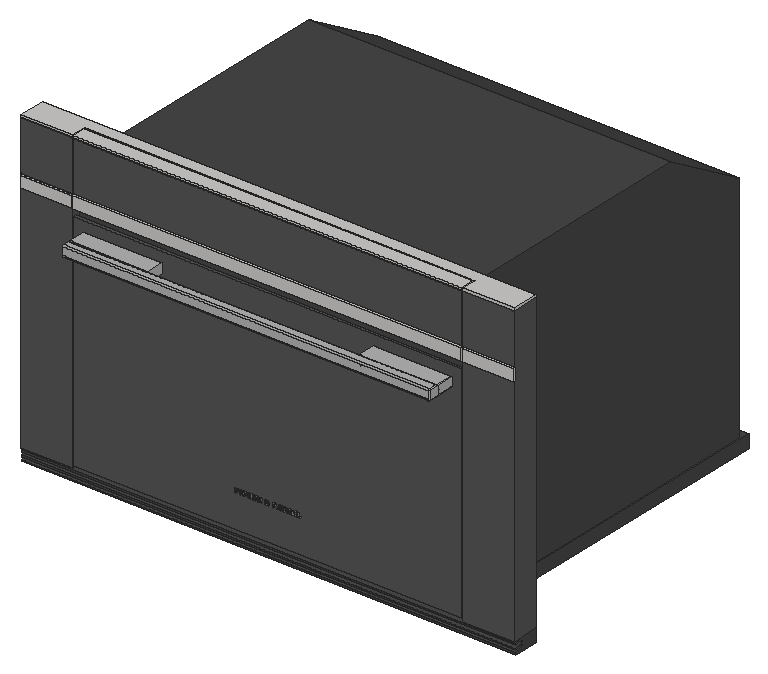
Revit family "FP_Revit_18_OS24NDB1_w_TK30NDB1_Steam_Oven_w_30in_Trimkit_90000815A", category Specialty Equipment, Revit 2018
Family settings
  Round Connector Dimension = Use Diameter
  Part Type = Normal
  OmniClass Number = 23.40.40.14.17.31
  OmniClass Title = Small Specialized Cooking Equipment
  Work Plane-Based = No
  Always vertical = Yes
  Cut with Voids When Loaded = Yes
  Shared = No
  Room Calculation Point = No
Parameters (values of type "OS24NDB1 + TK30NDB1")
  Visibility - Clearance Required = yes
  URL = "www.fisherpaykel.com"
  Product - Width = 757 mm  # constant formula
  Product - Height = 478 mm  # constant formula
  Product - Depth = 614 mm  # constant formula
  Model = "OS24NDB1 + TK30NDB1"
  Material - Trim = Fisher & Paykel - Stainless Steel
  Material - Structure = Fisher & Paykel - Black
  Material - Handle = Fisher & Paykel - Aluminium
  Material - Glass = Fisher & Paykel - Glass, Black
  Material - Body = Fisher & Paykel - Black
  Manufacturer = "Fisher & Paykel Appliances"
  FFL Offset [instance] = 900 mm
  Description = "24\" Steam Oven + 30\" Trimkit"
  Connector Description - Electrical = "208 V or 240 V, 60 Hz, 10.8 or 12.5 A"
  Chassis - Width = 560 mm  # constant formula
  Chassis - Height = 446 mm  # constant formula
  Chassis - Depth = 540 mm  # constant formula
  Cavity - Width = 560 mm  # constant formula
  Cavity - Height = 480 mm  # constant formula
  Cavity - Depth = 560 mm  # constant formula
Reference planes
  plane 1 "Center (Front/Back)": y = 0
  plane 2: z = 0
  plane 3 "Center (Left/Right)": x = 0
  plane 4: z = 1380
  plane 5: z = 1378
  plane 6 "Product LHS": x = -378.5
  plane 7 "Product RHS": x = 378.5
  plane 8 "Product - Depth": y = 0
  plane 9 "Cavity LHS": x = -380
  plane 10 "Cavity RHS": x = 380
  plane 11 "Cavity - Depth": y = 560
  plane 12 "Front Face": y = -41.5
  plane 13 "Chassis - Height": z = 0
  plane 14 "Product Depth": y = 540
  plane 15 "FFL Offset": z = 900
Forms (mm)
  Extrusion 1, void
    sketch origin (0, 0, 0) x (0, 1, 0) y (0, 0, 1)
      loop
        line (-41.5, 1380) -> (-41.5, 900) -> (0, 900) -> (0, 1380) -> (-41.5, 1380)
    from -380 to 380
  Extrusion 2, void
    sketch origin (0, 0, 0) x (0, 1, 0) y (0, 0, 1)
      loop
        line (560, 1370) -> (0, 1370) -> (0, 900) -> (560, 900) -> (560, 1370)
    from -280 to 280
Text (mm)
  text "Due to ongoing product development, product details are subject to change without notice. \nPlease always refer to www.fisherpaykel.com for the most current product information. \n© Fisher & Paykel 2020" at (41.04, -413.295, 0), in view "Ref. Level (Plan)"
Dimensions and locks
  equal spacing: plane 6 "Product LHS", plane 3 "Center (Left/Right)", plane 7 "Product RHS"
  "Product - Width": plane 6 "Product LHS" to plane 7 "Product RHS"
  equal spacing: plane 9 "Cavity LHS", plane 3 "Center (Left/Right)", plane 10 "Cavity RHS"
  locked: plane 9 "Cavity LHS" to plane 10 "Cavity RHS" at 760
  plane 12 "Front Face" to plane 1 "Center (Front/Back)" = 41.5 mm
  "Chassis - Depth": plane 1 "Center (Front/Back)" to plane 14 "Product Depth"
  "FFL Offset": plane 15 "FFL Offset" to level
  "Cavity - Depth": plane 1 "Center (Front/Back)" to plane 11 "Cavity - Depth"
  "Product - Height": plane 5 to plane 15 "FFL Offset"
  "Cavity - Height": plane 4 to plane 15 "FFL Offset"
  "Cavity - Width": Extrusion 2 to Extrusion 2
  aligned and locked: level to plane 2
  aligned and locked: plane 15 "FFL Offset" to nested 2
  aligned and locked: nested 2 to plane 8 "Product - Depth"
  aligned and locked: plane 12 "Front Face" to nested 2
  aligned and locked: plane 12 "Front Face" to Extrusion 1 sketch curve
  aligned and locked: Extrusion 1 sketch curve to plane 8 "Product - Depth"
  aligned and locked: plane 15 "FFL Offset" to Extrusion 1 sketch curve
  aligned and locked: Extrusion 1 sketch curve to plane 4
  aligned and locked: Extrusion 1 to plane 10 "Cavity RHS"
  aligned and locked: plane 9 "Cavity LHS" to Extrusion 1
  aligned and locked: Extrusion 2 sketch curve to plane 8 "Product - Depth"
  aligned and locked: Extrusion 2 sketch curve to plane 15 "FFL Offset"
  aligned and locked: plane 11 "Cavity - Depth" to Extrusion 2 sketch curve
  aligned and locked: Extrusion 2 sketch curve to nested 2
Nested families
  nested 1: "FP_Revit_18_OS24NDB1_Steam_Oven_90000815A" at (0, -19.5, 20), FFL Offset <- "FFL Offset", type "OS24NDB1"
    with FFL Offset 900 mm
  nested 2: "FP_Revit_18_TK30ND_Trimkits_90001187A" at (0, 0, 0), FFL Offset <- "FFL Offset", type "TK30NDB1"
    with FFL Offset 900 mm
Connectors
  electrical at (-193.854, 529.119, 959.454), driven by "Connector Description - Electrical"
    settings: on nested 1, index 1, voltage 120 V, apparent load 0 VA, apparent load phase1 0 VA, apparent load phase2 0 VA, apparent load phase3 0 VA, power factor 1, load classification "Other", number of poles 1, system type 30, power factor state 1, is connector primary yes, connector utility no, sub classification motor no, connector description "208 V or 240 V, 60 Hz, 10.8 or 12.5 A"
Definition of nested family "FP_Revit_18_OS24NDB1_Steam_Oven_90000815A"
  Parameters (values of type "OM24NDBB1")
    Visibility - Clearance Required = yes
    URL = "www.fisherpaykel.com"
    Product - Width = 596 mm  # constant formula
    Product - Height = 458 mm  # constant formula
    Product - Depth = 562 mm  # constant formula
    Model = "OM24NDBB1"
    Material - Trim = none
    Material - Structure = none
    Material - Handle = none
    Material - Glass = none
    Material - Body = none
    Manufacturer = "Fisher & Paykel Appliances"
    FFL Offset [instance] = 900 mm
    Description = "24\" Microwave Oven"
    Connector Description - Electrical = "120/240 V or 12/208 V, 60 Hz, 13 or 14 A"
    Chassis - Width = 556 mm  # constant formula
    Chassis - Height = 446 mm  # constant formula
    Chassis - Depth = 540 mm  # constant formula
    Cavity - Width = 600 mm  # constant formula
    Cavity - Height = 460 mm  # constant formula
    Cavity - Depth = 560 mm  # constant formula
  Types (4, lengths in mm): name | Model | Description | Connector Description - Electrical
    OS24NDB1 | "OS24NDB1" | "24\" Steam Oven" | "208 V or 240 V, 60 Hz, 10.8 or 12.5 A"
    OM24NDB1 | "OM24NDB1" | "24\" Microwave Oven" | "120/240 V or 12/208 V, 60 Hz, 13 or 14 A"
    OM24NDBB1 | "OM24NDBB1" | "24\" Microwave Oven" | "120/240 V or 12/208 V, 60 Hz, 13 or 14 A"
    OS24NDBB1 | "OS24NDBB1" | "24\" Steam Oven" | "208 V or 240 V, 60 Hz, 10.8 or 12.5 A"
  Reference planes
    plane 1 "Center (Front/Back)": y = 0
    plane 2: z = 0
    plane 3 "Center (Left/Right)": x = 0
    plane 4: z = 1360
    plane 5: z = 1358
    plane 6 "Product LHS": x = -298
    plane 7 "Product RHS": x = 298
    plane 8 "Product - Depth": y = 0
    plane 9 "Cavity LHS": x = -300
    plane 10 "Cavity RHS": x = 300
    plane 11 "Cavity - Depth": y = 560
    plane 12 "Front Face": y = -22
    plane 13 "Chassis - Height": z = 0
    plane 14 "Product Depth": y = 540
    plane 15 "FFL Offset": z = 900
  Forms (mm)
    Extrusion 1, solid, material <- "Material - Body"
      sketch origin (0, 0, 0) x (0, 1, 0) y (0, 0, 1)
        loop
          line (0, 1346) -> (0, 907.28) -> (5.16, 907.28) -> (5.16, 900) -> (534.187, 900) -> (534.187, 1257.991) -> (403.295, 1336.64) -> (24.316, 1336.64) -> (8.71, 1346) -> (0, 1346)
      from -278 to 278
    Extrusion 2, solid, material <- "Material - Structure", detail levels fine
      sketch origin (0, 0, 0) x (0, 1, 0) y (0, 0, 1)
        loop
          line (0, 1353.9) -> (-2, 1353.9) -> (-2, 1355) -> (-18, 1355) -> (-18, 1258) -> (-9.89, 1258) -> (-9.89, 907.28) -> (0, 907.28) -> (0, 1353.9)
      from -298 to 298
    Extrusion 3, solid, material <- "Material - Trim", detail levels fine
      sketch origin (0, 0, 0) x (0, 1, 0) y (0, 0, 1)
        loop
          line (-22, 1358) -> (-22, 1355) -> (-2, 1355) -> (-2, 1358) -> (-22, 1358)
      from -298 to 298
    Extrusion 4, solid, material <- "Material - Glass", detail levels fine
      sketch origin (0, 0, 0) x (0, 1, 0) y (0, 0, 1)
        loop
          line (-18, 1355) -> (-20.262, 1355)
          arc (-20.262, 1355) -> (-21.236, 1354.682) -> (-22, 1354) r 2.5
          line (-22, 1354) -> (-22, 1258) -> (-18, 1258) -> (-18, 1355)
      from -298 to 298
    Extrusion 5, solid, material <- "Material - Glass", detail levels fine
      sketch origin (0, 0, 0) x (0, 1, 0) y (0, 0, 1)
        loop
          line (-22, 1246.53) -> (-22, 904.53) -> (-18, 904.53) -> (-18, 1246.53) -> (-22, 1246.53)
      from -298 to 298
    Extrusion 6, solid, material <- "Material - Structure", detail levels fine
      sketch origin (0, 0, 0) x (0, 1, 0) y (0, 0, 1)
        loop
          line (-18, 1229.33) -> (-18, 907.28) -> (-9.89, 907.28) -> (-9.89, 1229.33) -> (-18, 1229.33)
      from -278 to 278
    Extrusion 7, void
      sketch origin (0, 0, 0) x (1, 0, 0) y (0, 0, 1)
        loop
          line (-158.462, 1052.91) -> (-229.24, 1052.91)
          arc (-229.24, 1052.91) -> (-232.776, 1051.446) -> (-234.24, 1047.91) r 5
          line (-234.24, 1047.91) -> (-234.24, 955.13)
          arc (-234.24, 955.13) -> (-232.776, 951.594) -> (-229.24, 950.13) r 5
          line (-229.24, 950.13) -> (-158.462, 950.13)
          arc (-158.462, 950.13) -> (-154.926, 951.594) -> (-153.462, 955.13) r 5
          line (-153.462, 955.13) -> (-153.462, 1047.91)
          arc (-153.462, 1047.91) -> (-154.926, 1051.446) -> (-158.462, 1052.91) r 5
      from -539.6 to -521.6
    Sweep 8, void
      path in 3D
        loop
          arc (-153.462, 521.6, 955.13) -> (-154.926, 521.6, 951.594) -> (-158.462, 521.6, 950.13) r 5
          line (-158.462, 521.6, 950.13) -> (-229.24, 521.6, 950.13)
          arc (-229.24, 521.6, 950.13) -> (-232.776, 521.6, 951.594) -> (-234.24, 521.6, 955.13) r 5
          line (-234.24, 521.6, 955.13) -> (-234.24, 521.6, 1047.91)
          arc (-234.24, 521.6, 1047.91) -> (-232.776, 521.6, 1051.446) -> (-229.24, 521.6, 1052.91) r 5
          line (-229.24, 521.6, 1052.91) -> (-158.462, 521.6, 1052.91)
          arc (-158.462, 521.6, 1052.91) -> (-154.926, 521.6, 1051.446) -> (-153.462, 521.6, 1047.91) r 5
          line (-153.462, 521.6, 1047.91) -> (-153.462, 521.6, 955.13)
      profile origin (-153.462, 521.6, 1001.52) x (-1, 0, 0) y (0, -1, 0)
        loop
          line (0, 0) -> (-21.3, -12.587) -> (0, -12.587) -> (0, 0)
    Extrusion 9, solid, material <- "Material - Body", detail levels medium+fine
      sketch origin (0, 0, -100) x (1, 0, 0) y (0, 0, 1)
        loop
          line (-175.354, 1115.273) -> (-212.354, 1115.273) -> (-212.354, 1057.273) -> (-175.354, 1057.273) -> (-175.354, 1115.273)
      from -540 to -521.6
    Extrusion 10, solid, material <- "Material - Trim", detail levels fine
      sketch origin (0, 0, 0) x (0, 1, 0) y (0, 0, 1)
        loop
          line (-22, 1258) -> (-22, 1277.8) -> (-22.8, 1277.8) -> (-23.7, 1275.5) -> (-23.7, 1258) -> (-22, 1258)
      from -298 to 298
    Extrusion 11, solid, visible <- "Visibility - Clearance Required", detail levels coarse
      sketch origin (0, 0, 0) x (1, 0, 0) y (0, 1, 0)
        loop
          line (-280, 0) -> (280, 0) -> (280, 548.619) -> (-280, 548.619) -> (-280, 0)
      from 900 to 1360
    Extrusion 12, solid, visible <- "Visibility - Clearance Required", detail levels coarse
      sketch origin (0, 0, 0) x (0, 1, 0) y (0, 0, 1)
        loop
          arc (-22, 1246.53) -> (-241.159, 1161.206) -> (-341.563, 948.532) r 317.644
          line (-341.563, 948.532) -> (-326.406, 946.445) -> (-332.106, 905.048) -> (-316.871, 902.951) -> (-311.171, 944.347) -> (-22, 904.53) -> (-22, 900) -> (0, 900) -> (0, 1360) -> (-22, 1360) -> (-22, 1246.53)
      from -300 to 300
    Sweep 13, solid, material <- "Material - Body", detail levels fine
      path origin (0, 0, -100) x (0, 1, 0) y (0, 0, 1)
        loop
          arc (530.8, 1057.273) -> (536.019, 1044.673) -> (548.619, 1039.454) r 17.819
      profile origin (0, 536.019, 944.673) x (0, 0.707107, 0.707107) y (1, 0, 0)
        loop
          circle (0, -193.854) r 5
    Extrusion 14, solid, material <- "Material - Glass", detail levels coarse+medium
      sketch origin (0, 0, 0) x (0, 1, 0) y (0, 0, 1)
        loop
          line (-22, 1358) -> (-22, 1258) -> (-9.89, 1258) -> (-9.89, 1229.33) -> (-18, 1229.33) -> (-18, 1246.53) -> (-22, 1246.53) -> (-22, 904.53) -> (-18, 904.53) -> (-18, 907.28) -> (0, 907.28) -> (0, 1353.9) -> (-2, 1353.9) -> (-2, 1358) -> (-22, 1358)
      from -298 to 298
    Extrusion 15, solid, material <- "Material - Body", not visible, detail levels medium+fine
      sketch origin (0, 0, 0) x (1, 0, 0) y (0, 0, 1)
        loop
          line (-175.354, 1115.273) -> (-212.354, 1115.273) -> (-212.354, 1057.273) -> (-175.354, 1057.273) -> (-175.354, 1115.273)
      from -540 to -521.6
    Sweep 16, solid, material <- "Material - Body", not visible, detail levels fine
      path origin (0, 0, 0) x (0, 1, 0) y (0, 0, 1)
        loop
          arc (530.8, 1057.273) -> (536.019, 1044.673) -> (548.619, 1039.454) r 17.819
      profile origin (0, 536.019, 1044.673) x (0, 0.707107, 0.707107) y (1, 0, 0)
        loop
          circle (0, -193.854) r 5
    Extrusion 17, void
      sketch origin (0, 0, 0) x (1, 0, 0) y (0, 1, 0)
        loop
          line (-280, 0) -> (280, 0) -> (280, 548.619) -> (-280, 548.619) -> (-280, 0)
      from 900 to 1360
    Extrusion 18, solid, visible <- "Visibility - Clearance Required", detail levels coarse
      sketch origin (0, 0, 0) x (0, 1, 0) y (0, 0, 1)
        loop
          arc (-22, 1246.53) -> (-241.159, 1161.206) -> (-341.563, 948.532) r 317.644
          line (-341.563, 948.532) -> (-326.406, 946.445) -> (-332.106, 905.048) -> (-316.871, 902.951) -> (-311.171, 944.347) -> (-22, 904.53) -> (-22, 900) -> (0, 900) -> (0, 1360) -> (-22, 1360) -> (-22, 1246.53)
      from -300 to 300
    Extrusion 19, void
      sketch origin (0, 0, 0) x (0, 1, 0) y (0, 0, 1)
        loop
          line (-22, 1360) -> (-22, 900) -> (0, 900) -> (0, 1360) -> (-22, 1360)
      from -300 to 300
  Cuts and joins
    Extrusion 7, Sweep 8 cuts Extrusion 1
    Extrusion 7 cuts Extrusion 2
    Extrusion 7 cuts Extrusion 5
    Extrusion 7 cuts Extrusion 6
  Lines and regions (mm)
    sketch lines
      curve 1: line (-153.462, 521.6, 1047.91) -> (-153.462, 521.6, 955.13)
      curve 2: arc (-153.462, 521.6, 1047.91) -> (-154.926, 521.6, 1051.446) -> (-158.462, 521.6, 1052.91) r 5
      curve 3: line (-229.24, 521.6, 1052.91) -> (-158.462, 521.6, 1052.91)
      curve 4: arc (-229.24, 521.6, 1052.91) -> (-232.776, 521.6, 1051.446) -> (-234.24, 521.6, 1047.91) r 5
      curve 5: line (-234.24, 521.6, 955.13) -> (-234.24, 521.6, 1047.91)
      curve 6: arc (-234.24, 521.6, 955.13) -> (-232.776, 521.6, 951.594) -> (-229.24, 521.6, 950.13) r 5
      curve 7: arc (-158.462, 521.6, 950.13) -> (-154.926, 521.6, 951.594) -> (-153.462, 521.6, 955.13) r 5
      curve 8: line (-158.462, 521.6, 950.13) -> (-229.24, 521.6, 950.13)
  Text (mm)
    text "Due to ongoing product development, product details are subject to change without notice. \nPlease always refer to www.fisherpaykel.com for the most current product information. \n© Fisher & Paykel 2020" at (41.04, -413.295, 0), in view "Ref. Level (Plan)"
  Dimensions and locks
    equal spacing: plane 6 "Product LHS", plane 3 "Center (Left/Right)", plane 7 "Product RHS"
    "Product - Width": plane 6 "Product LHS" to plane 7 "Product RHS"
    equal spacing: plane 9 "Cavity LHS", plane 3 "Center (Left/Right)", plane 10 "Cavity RHS"
    "Cavity - Width": plane 9 "Cavity LHS" to plane 10 "Cavity RHS"
    "Cavity - Depth": plane 11 "Cavity - Depth" to plane 1 "Center (Front/Back)"
    locked: plane 12 "Front Face" to plane 1 "Center (Front/Back)" at 22
    "Chassis - Depth": plane 1 "Center (Front/Back)" to plane 14 "Product Depth"
    Extrusion 1 sketch curve to plane 14 "Product Depth" = 5.813 mm
    equal spacing: cut or joined group of Extrusion 1, Extrusion 7, Sweep 8, plane 3 "Center (Left/Right)", cut or joined group of Extrusion 1, Extrusion 7, Sweep 8
    "Chassis - Width": cut or joined group of Extrusion 1, Extrusion 7, Sweep 8 to cut or joined group of Extrusion 1, Extrusion 7, Sweep 8
    "FFL Offset": plane 15 "FFL Offset" to level
    locked: nested 2 to plane 15 "FFL Offset" at 61.04
    locked: cut or joined group of Extrusion 1, Extrusion 7, Sweep 8 to plane 15 "FFL Offset" at 7.28
    locked: Extrusion 14 to plane 15 "FFL Offset" at 4.53
    locked: cut or joined group of Extrusion 1, Extrusion 7, Sweep 8 to plane 15 "FFL Offset" at 436.64
    "Chassis - Height": cut or joined group of Extrusion 1, Extrusion 7, Sweep 8 to plane 15 "FFL Offset"
    Extrusion 11 to plane 15 "FFL Offset" = 460 mm
    locked: plane 15 "FFL Offset" to Extrusion 9 at 57.273
    locked: plane 15 "FFL Offset" to cut or joined group of Extrusion 1, Extrusion 7, Sweep 8 at 50.13
    "Product - Height": plane 5 to plane 15 "FFL Offset"
    "Cavity - Height": plane 4 to plane 15 "FFL Offset"
    locked: nested 1 to plane 15 "FFL Offset" at 330.978
    locked: plane 5 to Extrusion 14 at 100
    locked: plane 5 to Extrusion 14 at 111.47
    locked: Extrusion 12 sketch curve to plane 15 "FFL Offset" at 4.53
    locked: plane 15 "FFL Offset" to Extrusion 7 sketch curve at 152.91
    locked: plane 15 "FFL Offset" to Extrusion 7 sketch curve at 50.13
    aligned and locked: level to plane 2
    aligned and locked: Extrusion 3 sketch curve to plane 5
    aligned and locked: plane 6 "Product LHS" to Extrusion 5
    aligned and locked: Extrusion 5 to plane 7 "Product RHS"
    aligned and locked: Extrusion 4 to plane 7 "Product RHS"
    aligned and locked: plane 6 "Product LHS" to Extrusion 4
    aligned and locked: plane 6 "Product LHS" to Extrusion 3
    aligned and locked: Extrusion 3 to plane 7 "Product RHS"
    aligned and locked: plane 6 "Product LHS" to Extrusion 2
    aligned and locked: Extrusion 2 to plane 7 "Product RHS"
    aligned and locked: plane 14 "Product Depth" to Extrusion 9
    aligned and locked: cut or joined group of Extrusion 1, Extrusion 7, Sweep 8 to Extrusion 9
    aligned and locked: Extrusion 10 to plane 7 "Product RHS"
    aligned and locked: plane 6 "Product LHS" to Extrusion 10
    aligned and locked: Extrusion 14 to plane 7 "Product RHS"
    aligned and locked: plane 6 "Product LHS" to Extrusion 14
    aligned and locked: Extrusion 1 to plane 15 "FFL Offset"
    aligned and locked: Extrusion 11 to cut or joined group of Extrusion 1, Extrusion 7, Sweep 8
    aligned and locked: Extrusion 14 to cut or joined group of Extrusion 1, Extrusion 7, Sweep 8
    aligned and locked: Extrusion 2 to cut or joined group of Extrusion 1, Extrusion 7, Sweep 8
    aligned and locked: Extrusion 6 to cut or joined group of Extrusion 1, Extrusion 7, Sweep 8
    aligned and locked: plane 5 to Extrusion 3
    aligned and locked: plane 5 to Extrusion 14
    aligned and locked: Extrusion 10 to Extrusion 4
    aligned and locked: Extrusion 14 to Extrusion 4
    aligned and locked: Extrusion 4 to cut or joined group of Extrusion 2, Extrusion 7
    aligned and locked: Extrusion 5 to Extrusion 14  (x2)
    aligned and locked: plane 4 to Extrusion 11
    aligned and locked: Extrusion 11 to Sweep 13
    aligned and locked: Extrusion 12 sketch curve to plane 15 "FFL Offset"
    aligned and locked: Extrusion 12 sketch curve to plane 4
    aligned and locked: plane 4 to Extrusion 17
    aligned and locked: Extrusion 17 to cut or joined group of Extrusion 1, Extrusion 7, Sweep 8
    aligned and locked: plane 15 "FFL Offset" to Extrusion 19 sketch curve
    aligned and locked: Extrusion 19 sketch curve to plane 4
  Automatic sketch dimensions
    Extrusion 9 sketch curve to Extrusion 9 sketch curve = 37 mm
    Extrusion 9 sketch curve to Extrusion 9 sketch curve = 58 mm
    Sweep 13 sketch curve to profile plane = 0 mm
    Sweep 13 sketch curve to Sweep 13 sketch curve = 17.819 mm
    Sweep 13 sketch curve to profile plane = 193.854 mm
    Extrusion 15 sketch curve to Extrusion 15 sketch curve = 37 mm
    Extrusion 15 sketch curve to Extrusion 15 sketch curve = 58 mm
    Sweep 16 sketch curve to profile plane = 0 mm
    Sweep 16 sketch curve to Sweep 16 sketch curve = 17.819 mm
    Sweep 16 sketch curve to profile plane = 193.854 mm
    Extrusion 1 sketch curve to plane 1 "Center (Front/Back)" = 0 mm
    Extrusion 1 sketch curve to plane 15 "FFL Offset" = 0 mm
    Extrusion 1 sketch curve to plane 1 "Center (Front/Back)" = 5.16 mm
    Extrusion 1 sketch curve to Extrusion 1 sketch curve = 8.71 mm
    Extrusion 1 sketch curve to Extrusion 1 sketch curve = 15.606 mm
    Extrusion 1 sketch curve to plane 5 = 21.36 mm
    Extrusion 1 sketch curve to plane 14 "Product Depth" = 136.705 mm
    Extrusion 1 sketch curve to Extrusion 1 sketch curve = 7.28 mm
    Extrusion 1 sketch curve to plane 5 = 100.009 mm
    Extrusion 1 sketch curve to plane 5 = 12 mm
    Extrusion 2 sketch curve to plane 1 "Center (Front/Back)" = 0 mm
    plane 1 "Center (Front/Back)" to Extrusion 2 sketch curve = 2 mm
    plane 1 "Center (Front/Back)" to Extrusion 2 sketch curve = 9.89 mm
    plane 12 "Front Face" to Extrusion 2 sketch curve = 4 mm
    plane 15 "FFL Offset" to Extrusion 2 sketch curve = 7.28 mm
    Extrusion 2 sketch curve to plane 5 = 100 mm
    Extrusion 2 sketch curve to plane 5 = 4.1 mm
    Extrusion 2 sketch curve to Extrusion 2 sketch curve = 1.1 mm
    Extrusion 3 sketch curve to plane 12 "Front Face" = 0 mm
    plane 1 "Center (Front/Back)" to Extrusion 3 sketch curve = 2 mm
    Extrusion 3 sketch curve to plane 5 = 3 mm
    Extrusion 4 sketch curve to plane 12 "Front Face" = 0 mm
    plane 12 "Front Face" to Extrusion 4 sketch curve = 1.738 mm
    plane 12 "Front Face" to Extrusion 4 sketch curve = 2.011 mm
    plane 12 "Front Face" to Extrusion 4 sketch curve = 4 mm
    Extrusion 4 sketch curve to plane 5 = 100 mm
    Extrusion 4 sketch curve to plane 5 = 5.485 mm
    Extrusion 4 sketch curve to Extrusion 4 sketch curve = 1.485 mm
    Extrusion 5 sketch curve to plane 12 "Front Face" = 0 mm
    plane 12 "Front Face" to Extrusion 5 sketch curve = 4 mm
    plane 15 "FFL Offset" to Extrusion 5 sketch curve = 4.53 mm
    Extrusion 5 sketch curve to plane 5 = 111.47 mm
    plane 12 "Front Face" to Extrusion 6 sketch curve = 4 mm
    Extrusion 6 sketch curve to Extrusion 6 sketch curve = 8.11 mm
    plane 15 "FFL Offset" to Extrusion 6 sketch curve = 7.28 mm
    Extrusion 6 sketch curve to plane 5 = 128.67 mm
    Extrusion 7 sketch curve to plane 6 "Product LHS" = 63.76 mm
    Extrusion 7 sketch curve to Extrusion 7 sketch curve = 5 mm  (x3)
    Extrusion 7 sketch curve to Extrusion 7 sketch curve = 70.778 mm  (x2)
    Sweep 8 sketch curve to profile plane = 0 mm  (x2)
    Sweep 8 sketch curve to profile plane = 21.3 mm
    profile plane to Sweep 8 sketch curve = 12.587 mm
    Extrusion 10 sketch curve to plane 12 "Front Face" = 0 mm
    Extrusion 10 sketch curve to Extrusion 10 sketch curve = 0.8 mm
    Extrusion 10 sketch curve to plane 12 "Front Face" = 1.7 mm
    Extrusion 10 sketch curve to plane 5 = 100 mm
    Extrusion 10 sketch curve to Extrusion 10 sketch curve = 17.5 mm
    Extrusion 10 sketch curve to Extrusion 10 sketch curve = 2.3 mm
    plane 1 "Center (Front/Back)" to Extrusion 11 sketch curve = 0 mm
    plane 14 "Product Depth" to Extrusion 11 sketch curve = 8.619 mm
    Extrusion 11 sketch curve to plane 6 "Product LHS" = 18 mm
    plane 7 "Product RHS" to Extrusion 11 sketch curve = 18 mm
    Extrusion 12 sketch curve to plane 12 "Front Face" = 0 mm  (x2)
    Extrusion 12 sketch curve to plane 1 "Center (Front/Back)" = 0 mm
    Extrusion 12 sketch curve to plane 12 "Front Face" = 2.526 mm
    plane 15 "FFL Offset" to Extrusion 12 sketch curve = 44.347 mm
    Extrusion 12 sketch curve to Extrusion 12 sketch curve = 286.644 mm
    plane 15 "FFL Offset" to Extrusion 12 sketch curve = 2.951 mm
    plane 15 "FFL Offset" to Extrusion 12 sketch curve = 46.445 mm
    Extrusion 12 sketch curve to Extrusion 12 sketch curve = 15.235 mm
    plane 15 "FFL Offset" to Extrusion 12 sketch curve = 48.532 mm
    Extrusion 12 sketch curve to Extrusion 12 sketch curve = 24.366 mm
    Extrusion 14 sketch curve to plane 5 = 0 mm
    Extrusion 14 sketch curve to plane 12 "Front Face" = 0 mm  (x2)
    Extrusion 14 sketch curve to plane 1 "Center (Front/Back)" = 0 mm
    plane 12 "Front Face" to Extrusion 14 sketch curve = 4 mm  (x2)
    plane 1 "Center (Front/Back)" to Extrusion 14 sketch curve = 9.89 mm
    plane 1 "Center (Front/Back)" to Extrusion 14 sketch curve = 2 mm
    Extrusion 14 sketch curve to plane 5 = 4.1 mm
    Extrusion 14 sketch curve to Extrusion 14 sketch curve = 95.9 mm
    Extrusion 14 sketch curve to Extrusion 14 sketch curve = 11.47 mm
    Extrusion 14 sketch curve to Extrusion 14 sketch curve = 17.2 mm
    plane 15 "FFL Offset" to Extrusion 14 sketch curve = 7.28 mm
    Extrusion 14 sketch curve to Extrusion 14 sketch curve = 2.75 mm
    plane 1 "Center (Front/Back)" to Extrusion 17 sketch curve = 0 mm
    plane 14 "Product Depth" to Extrusion 17 sketch curve = 8.619 mm
    Extrusion 17 sketch curve to plane 6 "Product LHS" = 18 mm
    plane 7 "Product RHS" to Extrusion 17 sketch curve = 18 mm
    Extrusion 18 sketch curve to plane 12 "Front Face" = 0 mm  (x2)
    Extrusion 18 sketch curve to plane 1 "Center (Front/Back)" = 0 mm
    Extrusion 18 sketch curve to plane 15 "FFL Offset" = 0 mm
    Extrusion 18 sketch curve to plane 4 = 0 mm
    Extrusion 18 sketch curve to plane 12 "Front Face" = 2.526 mm
    plane 15 "FFL Offset" to Extrusion 18 sketch curve = 44.347 mm
    Extrusion 18 sketch curve to Extrusion 18 sketch curve = 286.644 mm
    plane 15 "FFL Offset" to Extrusion 18 sketch curve = 2.951 mm
    Extrusion 18 sketch curve to Extrusion 18 sketch curve = 5.7 mm
    plane 15 "FFL Offset" to Extrusion 18 sketch curve = 46.445 mm
    Extrusion 18 sketch curve to Extrusion 18 sketch curve = 15.235 mm
    plane 15 "FFL Offset" to Extrusion 18 sketch curve = 48.532 mm
    Extrusion 18 sketch curve to Extrusion 18 sketch curve = 24.366 mm
    Extrusion 19 sketch curve to plane 12 "Front Face" = 0 mm
    Extrusion 19 sketch curve to plane 1 "Center (Front/Back)" = 0 mm
    radius of Sweep 13 sketch curve = 5 mm
    radius of Sweep 16 sketch curve = 5 mm
  Nested families
    nested 1: "F&P Handle Contemporary Square OB60-24" at (0, -22, 1223), type "Aluminium"
    nested 2: "F&P Logo 100mm" at (0, -22, 955), type "F&P Logo 100mm"
  Connectors
    electrical at (-193.854, 548.619, 939.454), driven by "Connector Description - Electrical"
      settings: on Sweep 13, index 1, voltage 120 V, apparent load 0 VA, apparent load phase1 0 VA, apparent load phase2 0 VA, apparent load phase3 0 VA, power factor 1, load classification none, number of poles 1, system type 30, power factor state 1, is connector primary yes, connector utility no, sub classification motor no, connector description "120/240 V or 12/208 V, 60 Hz, 13 or 14 A"
  Definition of nested family "F&P Handle Contemporary Square OB60-24"
    Parameters (values of type "Aluminium Dark")
      URL = "www.fisherpaykel.com"
      Material - Handle = none
      Manufacturer = "Fisher & Paykel Appliances"
      Handle - Length = 565 mm
    Types (2): name
      Aluminium
      Aluminium Dark
    Reference planes
      plane 1 "Center (Front/Back)": y = 0
      plane 2: z = 0
      plane 3 "Center (Left/Right)": x = 0
      plane 4 "Product LHS": x = -282.5
      plane 5 "Product RHS": x = 282.5
      plane 6 "LHS Standoff": x = -162.495
      plane 7 "RHS Standoff": x = 162.505
    Forms (mm)
      Extrusion 1, solid, material <- "Material - Handle", detail levels fine
        sketch origin (0, 0, 0) x (0, 1, 0) y (0, 0, 1)
          loop
            arc (-28.701, 7.561) -> (-29.057, 7.868) -> (-29.514, 7.978) r 1
            line (-29.514, 7.978) -> (-40.5, 7.978)
            arc (-40.5, 7.978) -> (-41.561, 7.539) -> (-42, 6.478) r 1.5
            line (-42, 6.478) -> (-42, -6.522)
            arc (-42, -6.522) -> (-41.561, -7.583) -> (-40.5, -8.022) r 1.5
            line (-40.5, -8.022) -> (-29.487, -8.022)
            arc (-29.487, -8.022) -> (-29.029, -7.911) -> (-28.673, -7.602) r 1
            arc (-28.673, -7.602) -> (-26.256, -0.016) -> (-28.701, 7.561) r 13.038
        from -282.5 to 282.5
      Extrusion 2, solid, material <- "Material - Handle", detail levels fine
        sketch origin (0, 0, 0) x (0, 1, 0) y (0, 0, 1)
          loop
            arc (-28.23, 7.062) -> (-26.156, 0.008) -> (-28.198, -7.056) r 13.136
            arc (-28.198, -7.056) -> (-28.21, -7.463) -> (-27.86, -7.67) r 0.4
            line (-27.86, -7.67) -> (0, -7.67) -> (0, 7.678) -> (-27.893, 7.678)
            arc (-27.893, 7.678) -> (-28.244, 7.47) -> (-28.23, 7.062) r 0.4
        from 162.505 to 282.5
      Extrusion 3, solid, material <- "Material - Handle", detail levels fine
        sketch origin (0, 0, 0) x (0, 1, 0) y (0, 0, -1)
          loop
            arc (-28.23, -7.062) -> (-28.244, -7.47) -> (-27.893, -7.678) r 0.4
            line (-27.893, -7.678) -> (0, -7.678) -> (0, 7.67) -> (-27.86, 7.67)
            arc (-27.86, 7.67) -> (-28.21, 7.463) -> (-28.198, 7.056) r 0.4
            arc (-28.198, 7.056) -> (-26.156, -0.008) -> (-28.23, -7.062) r 13.136
        from 162.495 to 282.5
      Sweep 4, void
        path in 3D
          loop
            line (282.5, -29.514, 7.978) -> (282.5, -40.5, 7.978)
            arc (282.5, -40.5, 7.978) -> (282.5, -41.561, 7.539) -> (282.5, -42, 6.478) r 1.5
            line (282.5, -42, 6.478) -> (282.5, -42, -6.522)
            arc (282.5, -42, -6.522) -> (282.5, -41.561, -7.583) -> (282.5, -40.5, -8.022) r 1.5
            line (282.5, -40.5, -8.022) -> (282.5, -29.487, -8.022)
        profile origin (282.5, -35.007, 7.978) x (1, 0, 0) y (0, 0, 1)
          loop
            line (0, 0) -> (-1.3, 0) -> (0, -1.3) -> (0, 0)
      Sweep 5, void
        path in 3D
          loop
            line (-282.5, -29.487, -8.022) -> (-282.5, -40.5, -8.022)
            arc (-282.5, -40.5, -8.022) -> (-282.5, -41.561, -7.583) -> (-282.5, -42, -6.522) r 1.5
            line (-282.5, -42, -6.522) -> (-282.5, -42, 6.478)
            arc (-282.5, -42, 6.478) -> (-282.5, -41.561, 7.539) -> (-282.5, -40.5, 7.978) r 1.5
            line (-282.5, -40.5, 7.978) -> (-282.5, -29.514, 7.978)
        profile origin (-282.5, -35.007, 7.978) x (-1, 0, 0) y (0, 0, 1)
          loop
            line (0, 0) -> (-1.3, 0) -> (0, -1.3) -> (0, 0)
      Extrusion 6, void
        sketch origin (0, 0, 0) x (1, 0, 0) y (0, 0, 1)
          loop
            line (282.5, 7.978) -> (281.2, 7.978) -> (282.5, 6.678) -> (282.5, 7.978)
          loop
            line (282.5, -8.022) -> (282.5, -6.722) -> (281.2, -8.022) -> (282.5, -8.022)
        from 0 to 40
      Extrusion 7, void
        sketch origin (0, 0, 0) x (1, 0, 0) y (0, 0, 1)
          loop
            line (-282.5, 7.978) -> (-282.5, 6.678) -> (-281.2, 7.978) -> (-282.5, 7.978)
          loop
            line (-282.5, -8.022) -> (-281.2, -8.022) -> (-282.5, -6.722) -> (-282.5, -8.022)
        from 0 to 40
      Extrusion 8, solid, material <- "Material - Handle", detail levels coarse+medium
        sketch origin (0, 0, 0) x (1, 0, 0) y (0, 1, 0)
          loop
            line (-282.5, -42) -> (282.5, -42) -> (282.5, 0) -> (162.505, 0) -> (162.505, -26.156) -> (-162.495, -26.156) -> (-162.495, 0) -> (-282.5, 0) -> (-282.5, -42)
        from -8.022 to 7.978
    Cuts and joins
      Sweep 4, Sweep 5, Extrusion 6, Extrusion 7 cuts Extrusion 1
      Extrusion 6 cuts Extrusion 2
      Extrusion 7 cuts Extrusion 3
    Lines and regions (mm)
      sketch lines
        curve 1: line (282.5, -29.514, 7.978) -> (282.5, -40.5, 7.978)
        curve 2: arc (282.5, -42, 6.478) -> (282.5, -41.561, 7.539) -> (282.5, -40.5, 7.978) r 1.5
        curve 3: line (282.5, -42, 6.478) -> (282.5, -42, -6.522)
        curve 4: arc (282.5, -40.5, -8.022) -> (282.5, -41.561, -7.583) -> (282.5, -42, -6.522) r 1.5
        curve 5: line (282.5, -40.5, -8.022) -> (282.5, -29.487, -8.022)
        curve 6: line (-282.5, -40.5, 7.978) -> (-282.5, -29.514, 7.978)
        curve 7: arc (-282.5, -40.5, 7.978) -> (-282.5, -41.561, 7.539) -> (-282.5, -42, 6.478) r 1.5
        curve 8: line (-282.5, -42, -6.522) -> (-282.5, -42, 6.478)
        curve 9: arc (-282.5, -42, -6.522) -> (-282.5, -41.561, -7.583) -> (-282.5, -40.5, -8.022) r 1.5
        curve 10: line (-282.5, -29.487, -8.022) -> (-282.5, -40.5, -8.022)
    Dimensions and locks
      equal spacing: plane 4 "Product LHS", plane 3 "Center (Left/Right)", plane 5 "Product RHS"
      "Handle - Length": plane 4 "Product LHS" to plane 5 "Product RHS"
      locked: plane 4 "Product LHS" to plane 6 "LHS Standoff" at 120.005
      locked: plane 7 "RHS Standoff" to plane 5 "Product RHS" at 119.995
      aligned and locked: level to plane 2
      aligned and locked: Extrusion 1 to plane 5 "Product RHS"
      aligned and locked: plane 4 "Product LHS" to Extrusion 1
      aligned and locked: Extrusion 2 to plane 5 "Product RHS"
      aligned and locked: plane 4 "Product LHS" to Extrusion 3
      aligned and locked: plane 4 "Product LHS" to Extrusion 8 sketch curve
      aligned and locked: Extrusion 8 sketch curve to plane 5 "Product RHS"
      aligned and locked: Extrusion 8 sketch curve to plane 7 "RHS Standoff"
      aligned and locked: plane 6 "LHS Standoff" to Extrusion 8 sketch curve
      aligned and locked: Extrusion 2 to plane 7 "RHS Standoff"
      aligned and locked: plane 6 "LHS Standoff" to Extrusion 3
    Automatic sketch dimensions
      Extrusion 1 sketch curve to level = 6.522 mm
      plane 1 "Center (Front/Back)" to Extrusion 1 sketch curve = 42 mm
      Extrusion 1 sketch curve to Extrusion 1 sketch curve = 1.5 mm  (x2)
      Extrusion 1 sketch curve to level = 0.04 mm
      Extrusion 1 sketch curve to Extrusion 1 sketch curve = 1.206 mm
      level to Extrusion 1 sketch curve = 6.978 mm
      Extrusion 1 sketch curve to Extrusion 1 sketch curve = 10.986 mm
      Extrusion 1 sketch curve to Extrusion 1 sketch curve = 11.013 mm
      Extrusion 1 sketch curve to Extrusion 1 sketch curve = 1 mm
      level to Extrusion 1 sketch curve = 6.478 mm
      Extrusion 1 sketch curve to Extrusion 1 sketch curve = 0 mm
      Extrusion 2 sketch curve to plane 1 "Center (Front/Back)" = 0 mm
      Extrusion 2 sketch curve to level = 7.67 mm
      Extrusion 2 sketch curve to Extrusion 2 sketch curve = 27.86 mm
      level to Extrusion 2 sketch curve = 7.678 mm
      Extrusion 2 sketch curve to Extrusion 2 sketch curve = 0.033 mm
      Extrusion 2 sketch curve to level = 0.022 mm
      Extrusion 2 sketch curve to Extrusion 2 sketch curve = 11.398 mm
      Extrusion 2 sketch curve to Extrusion 2 sketch curve = 0.4 mm  (x2)
      Extrusion 2 sketch curve to Extrusion 2 sketch curve = 0 mm
      Extrusion 3 sketch curve to plane 1 "Center (Front/Back)" = 0 mm
      Extrusion 3 sketch curve to level = 7.67 mm
      Extrusion 3 sketch curve to Extrusion 3 sketch curve = 27.86 mm
      level to Extrusion 3 sketch curve = 7.678 mm
      Extrusion 3 sketch curve to Extrusion 3 sketch curve = 0.033 mm
      Extrusion 3 sketch curve to level = 0.022 mm
      Extrusion 3 sketch curve to Extrusion 3 sketch curve = 11.398 mm
      Extrusion 3 sketch curve to Extrusion 3 sketch curve = 0.4 mm  (x2)
      Extrusion 3 sketch curve to Extrusion 3 sketch curve = 0 mm
      profile plane to Sweep 4 sketch curve = 0 mm
      Sweep 4 sketch curve to profile plane = 0 mm
      Sweep 4 sketch curve to profile plane = 1.3 mm
      profile plane to Sweep 4 sketch curve = 1.3 mm
      Sweep 5 sketch curve to profile plane = 0 mm  (x2)
      profile plane to Sweep 5 sketch curve = 1.3 mm
      Sweep 5 sketch curve to profile plane = 1.3 mm
      plane 5 "Product RHS" to Extrusion 6 sketch curve = 0 mm  (x2)
      Extrusion 6 sketch curve to Extrusion 6 sketch curve = 1.3 mm  (x4)
      Extrusion 6 sketch curve to level = 6.722 mm
      level to Extrusion 6 sketch curve = 6.678 mm
      plane 4 "Product LHS" to Extrusion 7 sketch curve = 0 mm  (x2)
      Extrusion 7 sketch curve to plane 4 "Product LHS" = 1.3 mm  (x2)
      Extrusion 7 sketch curve to level = 8.022 mm
      level to Extrusion 7 sketch curve = 6.678 mm
      Extrusion 7 sketch curve to Extrusion 7 sketch curve = 1.3 mm  (x2)
      plane 1 "Center (Front/Back)" to Extrusion 8 sketch curve = 0 mm  (x2)
      Extrusion 8 sketch curve to Extrusion 8 sketch curve = 26.156 mm
      Extrusion 8 sketch curve to Extrusion 8 sketch curve = 42 mm
  Definition of nested family "F&P Logo 100mm"
    Parameters (values of type "F&P Logo 100mm")
      URL = "www.fisherpaykel.com"
      Material - Logo = none
      Manufacturer = "Fisher & Paykel Appliances"
    Reference planes
      plane 1 "Center (Front/Back)": y = 0
      plane 2: z = 0
      plane 3 "Center (Left/Right)": x = 0
    Forms (mm)
      Extrusion 1, solid, material <- "Material - Logo", detail levels fine
        sketch origin (0, 0, 0) x (1, 0, 0) y (0, 0, 1)
          loop
            line (-50.044, 0) -> (-48.47, 0) -> (-48.47, 2.138) -> (-46.011, 2.138) -> (-46.011, 3.472) -> (-48.47, 3.472) -> (-48.47, 4.712) -> (-45.795, 4.712) -> (-45.795, 6.04) -> (-50.044, 6.04) -> (-50.044, 0)
          loop
            line (-42.804, 6.04) -> (-42.804, 0) -> (-41.23, 0) -> (-41.23, 6.04) -> (-42.804, 6.04)
          loop
            line (-30.724, 6.04) -> (-30.724, 0) -> (-29.151, 0) -> (-29.151, 2.42) -> (-26.839, 2.42) -> (-26.839, 0) -> (-25.265, 0) -> (-25.265, 6.04) -> (-26.839, 6.04) -> (-26.839, 3.748) -> (-29.151, 3.748) -> (-29.151, 6.04) -> (-30.724, 6.04)
          loop
            line (-21.906, 6.04) -> (-21.906, 0) -> (-17.602, 0) -> (-17.602, 1.328) -> (-20.347, 1.328) -> (-20.347, 2.42) -> (-17.838, 2.42) -> (-17.838, 3.748) -> (-20.347, 3.748) -> (-20.347, 4.712) -> (-17.602, 4.712) -> (-17.602, 6.04) -> (-21.906, 6.04)
          loop
            line (45.667, 6.04) -> (45.667, 0) -> (49.956, 0) -> (49.956, 1.328) -> (47.241, 1.328) -> (47.241, 6.04) -> (45.667, 6.04)
          loop
            line (42.431, 6.04) -> (38.112, 6.04) -> (38.112, 0) -> (42.431, 0) -> (42.431, 1.328) -> (39.687, 1.328) -> (39.687, 2.42) -> (42.195, 2.42) -> (42.195, 3.748) -> (39.687, 3.748) -> (39.687, 4.712) -> (42.431, 4.712) -> (42.431, 6.04)
          loop
            line (33.451, 3.148) -> (35.683, 6.04) -> (33.844, 6.04) -> (31.915, 3.542) -> (31.915, 6.04) -> (30.342, 6.04) -> (30.342, 0) -> (31.915, 0) -> (31.915, 2.705) -> (33.903, 0) -> (35.763, 0) -> (33.451, 3.148)
          loop
            line (21.98, 6.04) -> (24.262, 2.42) -> (24.262, 0) -> (25.837, 0) -> (25.837, 2.341) -> (28.119, 6.04) -> (26.446, 6.04) -> (25.099, 3.707) -> (23.753, 6.04) -> (21.98, 6.04)
          loop
            line (18.479, 6.04) -> (16.983, 6.04) -> (14.524, 0) -> (16.069, 0) -> (16.501, 1.112) -> (18.921, 1.112) -> (19.354, 0) -> (20.938, 0) -> (18.479, 6.04)
          loop
            line (18.4, 2.439) -> (17.693, 4.174) -> (17.018, 2.439) -> (18.4, 2.439)
          loop
            line (8.031, 6.04) -> (8.031, 0) -> (9.605, 0) -> (9.605, 1.938) -> (10.599, 1.938)
            arc (10.599, 1.938) -> (12.65, 3.989) -> (10.599, 6.04) r 2.051
            line (10.599, 6.04) -> (8.031, 6.04)
          loop
            line (9.605, 4.712) -> (9.605, 3.197) -> (10.501, 3.197)
            arc (10.501, 3.197) -> (11.259, 3.954) -> (10.501, 4.712) r 0.757
            line (10.501, 4.712) -> (9.605, 4.712)
          loop
            line (-11.783, 6.04) -> (-14.366, 6.04) -> (-14.366, 0) -> (-12.792, 0) -> (-12.792, 1.336) -> (-11.992, 1.336) -> (-10.972, 0) -> (-9.153, 0) -> (-10.694, 1.973)
            arc (-10.694, 1.973) -> (-9.678, 4.424) -> (-11.783, 6.04) r 2.179
          loop
            line (-11.897, 4.712) -> (-12.792, 4.712) -> (-12.792, 3.053) -> (-11.897, 3.053)
            arc (-11.897, 3.053) -> (-11.068, 3.882) -> (-11.897, 4.712) r 0.83
          loop
            line (0.477, 4.712) -> (0.477, 6.153) -> (-3.575, 6.153) -> (-3.575, 4.851) -> (-2.974, 4.112)
            arc (-2.974, 4.112) -> (-3.51, 0.684) -> (-0.045, 0.512) r 2.334
            line (-0.045, 0.512) -> (0.46, -0.109) -> (2.246, -0.109) -> (0.86, 1.594) -> (2.061, 3.324) -> (0.443, 3.324) -> (-0.013, 2.667) -> (-1.677, 4.712) -> (0.477, 4.712)
          loop
            arc (-2.125, 3.068) -> (-2.269, 1.668) -> (-0.868, 1.524) r 0.996
            line (-0.868, 1.524) -> (-2.125, 3.068)
          loop
            line (-35.18, 3.634) -> (-36.516, 3.91)
            arc (-36.516, 3.91) -> (-37.049, 4.443) -> (-36.516, 4.976) r 0.533
            arc (-36.516, 4.976) -> (-35.235, 4.79) -> (-34.059, 4.248) r 4.505
            line (-34.059, 4.248) -> (-34.059, 5.743)
            arc (-34.059, 5.743) -> (-35.549, 6.179) -> (-37.1, 6.109) r 4.726
            arc (-37.1, 6.109) -> (-38.536, 4.335) -> (-37.1, 2.561) r 1.814
            line (-37.1, 2.561) -> (-35.754, 2.282)
            arc (-35.754, 2.282) -> (-35.221, 1.749) -> (-35.754, 1.216) r 0.533
            arc (-35.754, 1.216) -> (-37.035, 1.402) -> (-38.211, 1.945) r 4.505
            line (-38.211, 1.945) -> (-38.211, 0.449)
            arc (-38.211, 0.449) -> (-36.72, 0.013) -> (-35.169, 0.083) r 4.726
            arc (-35.169, 0.083) -> (-33.734, 1.863) -> (-35.18, 3.634) r 1.814
        from 0 to 0.8
    Dimensions and locks
      aligned and locked: level to plane 2
Definition of nested family "FP_Revit_18_TK30ND_Trimkits_90001187A"
  Parameters (values of type "TK30NDBB1")
    Visibility - Clearance Required = yes
    URL = "www.fisherpaykel.com"
    Product - Width = 757 mm  # constant formula
    Product - Height = 478 mm  # constant formula
    Product - Depth = 571.5 mm  # constant formula
    Model = "TK30NDBB1"
    Material - Trim = none
    Material - Glass = none
    Material - Body = none
    Manufacturer = "Fisher & Paykel Appliances"
    FFL Offset [instance] = 860 mm
    Description = "30\" Trim Kit"
    Chassis - Width = 560 mm  # constant formula
    Chassis - Height = 20 mm  # constant formula
    Chassis - Depth = 530 mm  # constant formula
    Cavity - Width = 760 mm  # constant formula
    Cavity - Height = 480 mm  # constant formula
    Cavity - Depth = 560 mm  # constant formula
  Types (2, lengths in mm): name | Model
    TK30NDBB1 | "TK30NDBB1"
    TK30NDB1 | "TK30NDB1"
  Reference planes
    plane 1 "Center (Front/Back)": y = 0
    plane 2: z = 0
    plane 3 "Center (Left/Right)": x = 0
    plane 4: z = 1340
    plane 5: z = 1338
    plane 6 "Product LHS": x = -378.5
    plane 7 "Product RHS": x = 378.5
    plane 8 "Product - Depth": y = 530
    plane 9 "Cavity LHS": x = -380
    plane 10 "Cavity RHS": x = 380
    plane 11 "Cavity - Depth": y = 560
    plane 12 "Front Face": y = -41.5
    plane 13 "Chassis - Height": z = 880
    plane 14 "FFL Offset": z = 860
  Forms (mm)
    Extrusion 1, solid, material <- "Material - Glass", detail levels fine
      sketch origin (0, 0, 0) x (0, 1, 0) y (0, 0, 1)
        loop
          line (0, 1335) -> (-39.5, 1335)
          arc (-39.5, 1335) -> (-40.617, 1334.734) -> (-41.5, 1334) r 2.521
          line (-41.5, 1334) -> (-41.5, 880) -> (0, 880) -> (0, 1335)
      from -378.5 to 378.5
    Extrusion 2, solid, material <- "Material - Trim", detail levels fine
      sketch origin (0, 0, 0) x (0, 1, 0) y (0, 0, 1)
        loop
          line (0, 1338) -> (-41.5, 1338) -> (-41.5, 1335) -> (0, 1335) -> (0, 1338)
      from -378.5 to 378.5
    Extrusion 3, solid, material <- "Material - Body"
      sketch origin (0, 0, 0) x (1, 0, 0) y (0, 0, 1)
        loop
          line (280, 880) -> (200, 880) -> (200, 861) -> (176, 861) -> (176, 860) -> (280, 860) -> (280, 880)
        loop
          line (-280, 880) -> (-280, 860) -> (-176, 860) -> (-176, 861) -> (-200, 861) -> (-200, 880) -> (-280, 880)
      from -530 to 0
    Extrusion 4, void
      sketch origin (0, 0, 0) x (1, 0, 0) y (0, 1, 0)
        loop
          line (-300, -18.5) -> (-300, -43.192) -> (299.823, -43.192) -> (299.823, -18.5) -> (-300, -18.5)
      from 880 to 1338
    Extrusion 5, void
      sketch origin (0, 0, 0) x (0, 1, 0) y (0, 0, 1)
        loop
          line (-18.5, 880) -> (0, 880) -> (0, 1326.5) -> (-16, 1326.5) -> (-16, 1334) -> (-18.5, 1334) -> (-18.5, 880)
      from -283 to 283
    Extrusion 6, solid, material <- "Material - Trim", detail levels fine
      sketch origin (0, 0, 0) x (0, 1, 0) y (0, 0, 1)
        loop
          line (-41.5, 1257.8) -> (-42.3, 1257.8) -> (-43.192, 1255.35) -> (-43.192, 1238) -> (-41.5, 1238) -> (-41.5, 1257.8)
      from -378.5 to 378.5
    Extrusion 7, solid, material <- "Material - Body", detail levels fine
      sketch origin (0, 0, 15) x (0, 1, 0) y (0, 0, 1)
        loop
          line (-23.654, 865) -> (-39.5, 861.049) -> (-39.5, 858.901) -> (-26, 862.392) -> (-26, 858.092) -> (-39.5, 854.601) -> (-39.5, 852.601) -> (-26, 856.092) -> (-26, 851.848) -> (-39.5, 848.356) -> (-39.5, 846.348) -> (-34.47, 845) -> (0, 845) -> (0, 865) -> (-23.654, 865)
      from -378.5 to 378.5
    Extrusion 8, solid
      sketch origin (0, 0, 0) x (1, 0, 0) y (0, 0, 1)
        loop
          circle (-288, 1202) r 4
        loop
          circle (-288, 1012) r 4
        loop
          circle (288, 1202) r 4
        loop
          circle (288, 1012) r 4
      from 18.5 to 21.5
    Extrusion 9, void
      sketch origin (0, 0, 0) x (1, 0, 0) y (0, 1, 0)
        loop
          circle (-270, 70) r 5
        loop
          circle (-270, 460) r 5
        loop
          circle (270, 70) r 5
        loop
          circle (270, 460) r 5
      from 860 to 880
    Extrusion 10, void
      sketch origin (0, 0, 0) x (0, 1, 0) y (0, 0, 1)
        loop
          circle (460, 870) r 5
        loop
          circle (70, 870) r 5
      from -225 to 225
    Extrusion 11, solid, material <- "Material - Glass", detail levels coarse+medium
      sketch origin (0, 0, 0) x (0, 1, 0) y (0, 0, 1)
        loop
          line (-41.5, 1338) -> (-41.5, 880) -> (0, 880) -> (0, 1338) -> (-41.5, 1338)
      from -378.5 to 378.5
    Extrusion 12, solid, visible <- "Visibility - Clearance Required", detail levels coarse
      sketch origin (0, 0, 0) x (1, 0, 0) y (0, 1, 0)
        loop
          line (-280, 0) -> (280, 0) -> (280, 560) -> (-280, 560) -> (-280, 0)
      from 860 to 1330
    Extrusion 13, solid, visible <- "Visibility - Clearance Required", detail levels coarse
      sketch origin (0, 0, 0) x (1, 0, 0) y (0, 1, 0)
        loop
          line (-380, 0) -> (-380, -41.5) -> (380, -41.5) -> (380, 0) -> (-380, 0)
      from 860 to 1340
    Extrusion 14, void
      sketch origin (0, 0, 0) x (1, 0, 0) y (0, 1, 0)
        loop
          line (-280, 560) -> (-280, 0) -> (280, 0) -> (280, 560) -> (-280, 560)
      from 860 to 1330
    Extrusion 15, void
      sketch origin (0, 0, 0) x (1, 0, 0) y (0, 1, 0)
        loop
          line (-380, -41.5) -> (380, -41.5) -> (380, 0) -> (-380, 0) -> (-380, -41.5)
      from 860 to 1340
    Extrusion 16, solid, material <- "Material - Body", detail levels coarse+medium
      sketch origin (0, 0, 0) x (0, 1, 0) y (0, 0, 1)
        loop
          line (-41.5, 880) -> (-41.5, 860) -> (0, 860) -> (0, 880) -> (-41.5, 880)
      from -378.5 to 378.5
  Cuts and joins
    Extrusion 4, Extrusion 5 cuts Extrusion 1
    Extrusion 4 cuts Extrusion 6
    Extrusion 4 cuts Extrusion 2
    Extrusion 9, Extrusion 10 cuts Extrusion 3
    Extrusion 4, Extrusion 5 cuts Extrusion 11
  Text (mm)
    text "Due to ongoing product development, product details are subject to change without notice. \nPlease always refer to www.fisherpaykel.com for the most current product information. \n© Fisher & Paykel 2020" at (41.04, -248.295, 0), in view "Ref. Level (Plan)"
  Dimensions and locks
    equal spacing: plane 6 "Product LHS", plane 3 "Center (Left/Right)", plane 7 "Product RHS"
    "Product - Width": plane 6 "Product LHS" to plane 7 "Product RHS"
    equal spacing: plane 9 "Cavity LHS", plane 3 "Center (Left/Right)", plane 10 "Cavity RHS"
    "Cavity - Width": plane 9 "Cavity LHS" to plane 10 "Cavity RHS"
    "Cavity - Depth": plane 11 "Cavity - Depth" to plane 1 "Center (Front/Back)"
    "Chassis - Depth": plane 8 "Product - Depth" to plane 1 "Center (Front/Back)"
    "Product - Depth": plane 8 "Product - Depth" to plane 12 "Front Face"
    equal spacing: Extrusion 12, plane 3 "Center (Left/Right)", Extrusion 12
    "Chassis - Width": Extrusion 12 to Extrusion 12
    "Chassis - Height": plane 14 "FFL Offset" to plane 13 "Chassis - Height"
    "Product - Height": plane 5 to plane 14 "FFL Offset"
    "Cavity - Height": plane 4 to plane 14 "FFL Offset"
    Extrusion 10 sketch curve to plane 14 "FFL Offset" = 10 mm
    locked: plane 14 "FFL Offset" to Extrusion 8 sketch curve at 152
    locked: plane 14 "FFL Offset" to Extrusion 8 sketch curve at 342
    locked: plane 5 to Extrusion 14 at 8
    locked: plane 5 to cut or joined group of Extrusion 2, Extrusion 4 at 3
    locked: plane 5 to cut or joined group of Extrusion 4, Extrusion 5, Extrusion 11 at 11.5
    locked: cut or joined group of Extrusion 4, Extrusion 6 to plane 14 "FFL Offset" at 378
    "FFL Offset": plane 14 "FFL Offset" to level
    locked: cut or joined group of Extrusion 3, Extrusion 9, Extrusion 10 to plane 14 "FFL Offset" at 10
    aligned and locked: level to plane 2
    aligned and locked: plane 5 to Extrusion 2 sketch curve
    aligned and locked: plane 6 "Product LHS" to Extrusion 1
    aligned and locked: Extrusion 1 to plane 7 "Product RHS"
    aligned and locked: Extrusion 3 to plane 8 "Product - Depth"
    aligned and locked: Extrusion 2 to plane 7 "Product RHS"
    aligned and locked: plane 6 "Product LHS" to Extrusion 2
    aligned and locked: plane 5 to Extrusion 4
    aligned and locked: Extrusion 6 to plane 7 "Product RHS"
    aligned and locked: plane 6 "Product LHS" to Extrusion 6
    aligned and locked: plane 6 "Product LHS" to Extrusion 7
    aligned and locked: Extrusion 7 to plane 7 "Product RHS"
    aligned and locked: Extrusion 11 to plane 7 "Product RHS"
    aligned and locked: plane 6 "Product LHS" to Extrusion 11
    aligned and locked: plane 4 to Extrusion 13
    aligned and locked: Extrusion 15 sketch curve to plane 10 "Cavity RHS"
    aligned and locked: plane 9 "Cavity LHS" to Extrusion 15 sketch curve
    aligned and locked: plane 4 to Extrusion 15
    aligned and locked: plane 14 "FFL Offset" to Extrusion 3 sketch curve
    aligned and locked: plane 13 "Chassis - Height" to Extrusion 3 sketch curve
    aligned and locked: Extrusion 3 sketch curve to plane 13 "Chassis - Height"
    aligned and locked: Extrusion 3 sketch curve to plane 14 "FFL Offset"
    aligned and locked: Extrusion 11 to cut or joined group of Extrusion 1, Extrusion 4, Extrusion 5
    aligned and locked: Extrusion 12 to cut or joined group of Extrusion 3, Extrusion 9, Extrusion 10
    aligned and locked: Extrusion 12 to Extrusion 14
    aligned and locked: Extrusion 3 to Extrusion 9  (x2)
    aligned and locked: Extrusion 4 to Extrusion 5
    aligned and locked: plane 5 to Extrusion 2
    aligned and locked: Extrusion 14 to cut or joined group of Extrusion 3, Extrusion 9, Extrusion 10
    aligned and locked: Extrusion 7 sketch curve to plane 1 "Center (Front/Back)"
    aligned and locked: Extrusion 7 sketch curve to plane 13 "Chassis - Height"
    aligned and locked: Extrusion 7 sketch curve to plane 14 "FFL Offset"
    aligned and locked: Extrusion 11 to Extrusion 7
    aligned and locked: Extrusion 15 to Extrusion 7
    aligned and locked: Extrusion 15 to cut or joined group of Extrusion 3, Extrusion 9, Extrusion 10
    aligned and locked: Extrusion 11 to cut or joined group of Extrusion 3, Extrusion 9, Extrusion 10
    aligned and locked: Extrusion 4 to Extrusion 1
    aligned and locked: Extrusion 13 to Extrusion 7
    aligned and locked: Extrusion 16 sketch curve to cut or joined group of Extrusion 4, Extrusion 5, Extrusion 11  (x2)
    aligned and locked: Extrusion 12 to Extrusion 16 sketch curve
    aligned and locked: Extrusion 16 sketch curve to Extrusion 13
  Automatic sketch dimensions
    Extrusion 2 sketch curve to plane 1 "Center (Front/Back)" = 0 mm
    Extrusion 2 sketch curve to plane 5 = 3 mm
    plane 1 "Center (Front/Back)" to Extrusion 2 sketch curve = 41.5 mm
    Extrusion 1 sketch curve to plane 1 "Center (Front/Back)" = 0 mm
    plane 12 "Front Face" to Extrusion 1 sketch curve = 2 mm
    plane 12 "Front Face" to Extrusion 1 sketch curve = 2.011 mm
    Extrusion 1 sketch curve to Extrusion 1 sketch curve = 2.521 mm
    Extrusion 1 sketch curve to plane 12 "Front Face" = 0 mm
    Extrusion 5 sketch curve to plane 1 "Center (Front/Back)" = 0 mm
    plane 1 "Center (Front/Back)" to Extrusion 5 sketch curve = 16 mm
    level to Extrusion 5 sketch curve = 880 mm
    Extrusion 5 sketch curve to plane 5 = 11.5 mm
    Extrusion 5 sketch curve to plane 5 = 4 mm
    plane 1 "Center (Front/Back)" to Extrusion 5 sketch curve = 18.5 mm
    Extrusion 6 sketch curve to plane 12 "Front Face" = 0 mm
    Extrusion 6 sketch curve to Extrusion 6 sketch curve = 0.8 mm
    Extrusion 6 sketch curve to Extrusion 6 sketch curve = 1.692 mm
    Extrusion 6 sketch curve to plane 5 = 100 mm
    Extrusion 6 sketch curve to Extrusion 6 sketch curve = 17.35 mm
    Extrusion 6 sketch curve to Extrusion 6 sketch curve = 2.45 mm
    Extrusion 4 sketch curve to plane 12 "Front Face" = 1.692 mm
    Extrusion 4 sketch curve to plane 6 "Product LHS" = 78.5 mm
    plane 7 "Product RHS" to Extrusion 4 sketch curve = 78.677 mm
    plane 1 "Center (Front/Back)" to Extrusion 4 sketch curve = 18.5 mm
    level to Extrusion 1 sketch curve = 880 mm
    Extrusion 8 sketch curve to plane 6 "Product LHS" = 90.5 mm  (x2)
    plane 7 "Product RHS" to Extrusion 8 sketch curve = 90.5 mm  (x2)
    Extrusion 9 sketch curve to plane 6 "Product LHS" = 108.5 mm  (x2)
    plane 7 "Product RHS" to Extrusion 9 sketch curve = 108.5 mm  (x2)
    Extrusion 9 sketch curve to plane 1 "Center (Front/Back)" = 70 mm  (x2)
    Extrusion 9 sketch curve to plane 8 "Product - Depth" = 70 mm  (x2)
    Extrusion 1 sketch curve to plane 5 = 5.521 mm
    Extrusion 12 sketch curve to plane 11 "Cavity - Depth" = 0 mm
    plane 1 "Center (Front/Back)" to Extrusion 12 sketch curve = 0 mm
    Extrusion 12 sketch curve to plane 6 "Product LHS" = 98.5 mm
    plane 7 "Product RHS" to Extrusion 12 sketch curve = 98.5 mm
    Extrusion 13 sketch curve to plane 9 "Cavity LHS" = 0 mm
    Extrusion 13 sketch curve to plane 10 "Cavity RHS" = 0 mm
    plane 1 "Center (Front/Back)" to Extrusion 13 sketch curve = 0 mm
    Extrusion 13 sketch curve to plane 12 "Front Face" = 0 mm
    plane 1 "Center (Front/Back)" to Extrusion 14 sketch curve = 0 mm
    Extrusion 14 sketch curve to plane 11 "Cavity - Depth" = 0 mm
    Extrusion 14 sketch curve to plane 6 "Product LHS" = 98.5 mm
    plane 7 "Product RHS" to Extrusion 14 sketch curve = 98.5 mm
    Extrusion 15 sketch curve to plane 12 "Front Face" = 0 mm
    Extrusion 15 sketch curve to Extrusion 15 sketch curve = 41.5 mm
    Extrusion 3 sketch curve to plane 6 "Product LHS" = 98.5 mm
    plane 14 "FFL Offset" to Extrusion 3 sketch curve = 1 mm  (x2)
    Extrusion 3 sketch curve to Extrusion 3 sketch curve = 80 mm  (x2)
    Extrusion 3 sketch curve to Extrusion 3 sketch curve = 24 mm  (x2)
    plane 3 "Center (Left/Right)" to Extrusion 3 sketch curve = 176 mm
    Extrusion 8 sketch curve to plane 5 = 136 mm
    Extrusion 8 sketch curve to plane 13 "Chassis - Height" = 132 mm
    Extrusion 11 sketch curve to plane 13 "Chassis - Height" = 0 mm
    Extrusion 11 sketch curve to plane 5 = 0 mm
    Extrusion 11 sketch curve to plane 1 "Center (Front/Back)" = 0 mm
    Extrusion 11 sketch curve to plane 12 "Front Face" = 0 mm
    plane 12 "Front Face" to Extrusion 7 sketch curve = 17.846 mm
    plane 13 "Chassis - Height" to Extrusion 7 sketch curve = 2.608 mm
    Extrusion 7 sketch curve to Extrusion 7 sketch curve = 2.346 mm
    Extrusion 7 sketch curve to Extrusion 7 sketch curve = 0 mm
    plane 12 "Front Face" to Extrusion 7 sketch curve = 7.03 mm
    plane 12 "Front Face" to Extrusion 7 sketch curve = 2 mm  (x3)
    plane 14 "FFL Offset" to Extrusion 7 sketch curve = 1.348 mm
    Extrusion 7 sketch curve to Extrusion 7 sketch curve = 2.009 mm
    plane 14 "FFL Offset" to Extrusion 7 sketch curve = 6.848 mm
    Extrusion 7 sketch curve to Extrusion 7 sketch curve = 4.244 mm  (x2)
    Extrusion 7 sketch curve to Extrusion 7 sketch curve = 2 mm  (x2)
    Extrusion 7 sketch curve to Extrusion 7 sketch curve = 4.3 mm
    Extrusion 7 sketch curve to Extrusion 7 sketch curve = 2.148 mm
    Extrusion 10 sketch curve to plane 8 "Product - Depth" = 70 mm
    plane 13 "Chassis - Height" to Extrusion 10 sketch curve = 10 mm
    Extrusion 10 sketch curve to plane 1 "Center (Front/Back)" = 70 mm
    radius of Extrusion 8 sketch curve = 4 mm  (x4)
    radius of Extrusion 9 sketch curve = 5 mm  (x4)
    radius of Extrusion 10 sketch curve = 5 mm  (x2)
